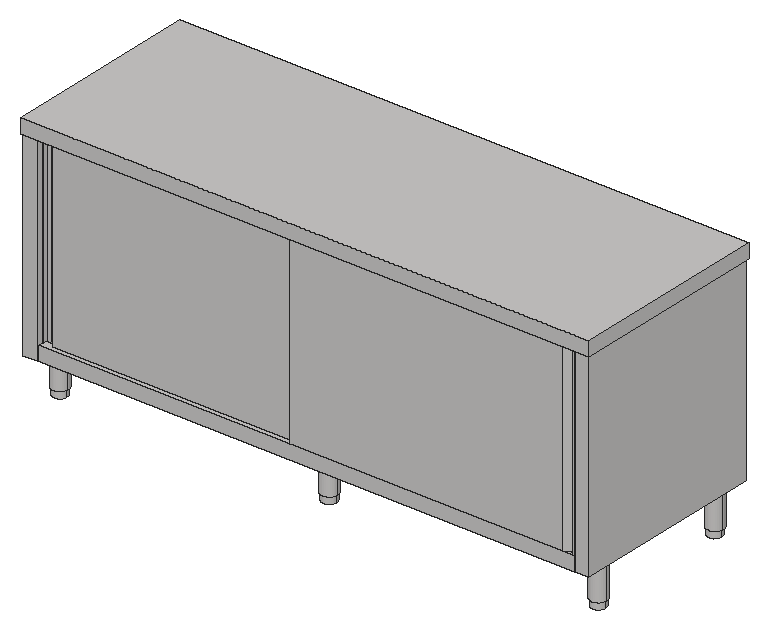
Revit family "QF_ZANUSSI_132775_MTN2000PN", category Attrezzature speciali, Revit 2020
Family settings
  Quota connettore circolare = Usa diametro
  Tipo di parte = Normale
  Basato su piano di lavoro = No
  Sempre verticale = Sì
  Taglio con vuoti quando caricato = No
  Condiviso = No
  Punto di calcolo locali = No
Parameters (values of type "Standard")
  Weight = 75.00 kg
  Watts = 0 W
  Volts = 0 V
  URL Manufacturer = "http://www.zanussiprofessional.com"
  URL = "http://www.zanussiprofessional.com"
  Steam Supply Size = 0 mm
  Steam Supply Minimum Pressure = 0.0 Pa
  Steam Supply Maximum Pressure = 0.0 Pa
  Steam Consumption per Hour = 0
  Refrigeration Suction Line Size = 0.0 mm
  Refrigeration Liquid Line Size = 0.0 mm
  Refrigerant Compressor Remote = yes
  Prospetto di default = 0.0 mm
  Produttore = "Zanussi"
  Phase = 0
  Modello = "MTN2000PN"
  Length Actual = 2000.0 mm  # constant formula
  Item Number = "132775"
  Hot Water Size = 0 mm
  Height Actual = 900.0 mm  # constant formula
  HP = "0 HP"
  Gas Size = 0 mm
  Gas KW = 0
  Gas Input Pressure = 0 W
  Direct Waste Size = 0 mm
  Descrizione = "WORKTOP CUPB.+SHELF+SLIDING DOORS 2000MM"
  Depth Actual = 700.0 mm  # constant formula
  Cycle = 0 Hz
  Condensate Return Size = 0 mm
  Compressed Air Volume = 0.0 L/s
  Compressed Air Size = 0 mm
  Compressed Air Pressure = 0.0 Pa
  Cold Water Size = 0 mm
  Accessory = yes
Reference planes
  plane 1 "Center (Front/Back)": y = 0
  plane 2: z = 0
  plane 3 "Center (Left/Right)": x = -500
  plane 4 "LEFT": x = -1500
  plane 5 "RIGHT": x = 500
  plane 6 "BACK": y = 350
  plane 7 "FRONT": y = -350
  plane 8 "Base": z = 850
  plane 9 "TOP": z = 900
  plane 10: x = -1446.9
  plane 11: x = 446.9
  plane 12: y = 270
  plane 13: y = -241.9
  plane 14 "BodyLeft": x = -1494.5
  plane 15 "BodyFront": y = -344.5
  plane 16 "BodyRight": x = 494.5
  plane 17 "BodyBack": y = 344.5
  plane 18 "FEET": z = 150
  plane 19: x = -444.5
  plane 20: x = -555.5
Forms (mm)
  Extrusion 1, solid, material "QF_Finishes_Stainless Steel"
    sketch origin (-500, 0, 0) x (0, 1, 0) y (0, 0, 1)
      loop
        line (-350, 850) -> (350, 850) -> (350, 900) -> (-350, 900) -> (-350, 850)
    from 1000 to -1000
  Extrusion 2, solid, material "QF_Finishes_Stainless Steel"
    sketch origin (0, 0, 150) x (-1, 0, 0) y (0, -1, 0)
      loop
        line (1494.5, -344.5) -> (1494.5, 344.5) -> (1444.5, 344.5) -> (1444.5, -344.5) -> (1494.5, -344.5)
      loop
        line (-444.5, -344.5) -> (-444.5, 344.5) -> (-494.5, 344.5) -> (-494.5, -344.5) -> (-444.5, -344.5)
    from 0 to 700
  Extrusion 3, solid, material "QF_Finishes_Stainless Steel"
    sketch origin (0, 0, 150) x (-1, 0, 0) y (0, -1, 0)
      loop
        line (1443.585, -344.5) -> (1443.585, 344.5) -> (-444.5, 344.5) -> (-444.5, -344.5) -> (1443.585, -344.5)
    from 0 to 50
  Extrusion 4, solid, material "QF_Finishes_Stainless Steel"
    sketch origin (0, 0, 150) x (-1, 0, 0) y (0, -1, 0)
      loop
        line (1443.585, -344.5) -> (1443.585, -294.5) -> (-444.5, -294.5) -> (-444.5, -344.5) -> (1443.585, -344.5)
    from 50 to 700
  Extrusion 5, solid, material "QF_Finishes_Stainless Steel"
    sketch origin (0, 0, 150) x (-1, 0, 0) y (0, -1, 0)
      loop
        line (-444.5, 344.5) -> (-444.5, 324.5) -> (555.5, 324.5) -> (555.5, 344.5) -> (-404.5, 344.5) -> (-424.5, 329.5) -> (-439.5, 329.5) -> (-439.5, 344.5) -> (-444.5, 344.5)
    from 50 to 700
  Extrusion 6, solid, material "QF_Finishes_Stainless Steel"
    sketch origin (0, 20, 150) x (1, 0, 0) y (0, 1, 0)
      loop
        line (-1444.5, -344.5) -> (-1439.5, -344.5) -> (-1439.5, -329.5) -> (-1424.5, -329.5) -> (-1404.5, -344.5) -> (-444.5, -344.5) -> (-444.5, -324.5) -> (-1444.5, -324.5) -> (-1444.5, -344.5)
    from 50 to 700
Lines and regions (mm)
  symbolic lines
    curve 1: line (500, 350, 900) -> (-1500, 350, 900)
    curve 2: line (-1500, 350, 900) -> (-1500, -350, 900)
    curve 3: line (-1500, -350, 900) -> (500, -350, 900)
    curve 4: line (500, -350, 900) -> (500, 350, 900)
  symbolic lines, style "SpecialityEquipmentHiddenLines"
    curve 5: line (-1494.5, 344.5, 150) -> (494.5, 344.5, 150)
    curve 6: line (-1494.5, -344.5, 150) -> (-1494.5, 344.5, 150)
    curve 7: line (494.5, -344.5, 150) -> (-1494.5, -344.5, 150)
    curve 8: line (494.5, 344.5, 150) -> (494.5, -344.5, 150)
    curve 9: line (-1444.5, -304.5, 150) -> (-444.5, -304.5, 150)
    curve 10: line (-444.5, -304.5, 150) -> (-444.5, -324.5, 150)
    curve 11: line (-1444.5, -324.5, 150) -> (444.5, -324.5, 150)
    curve 12: line (444.5, -324.5, 150) -> (444.5, -344.5, 150)
    curve 13: line (-555.5, -324.5, 150) -> (-555.5, -344.5, 150)
    curve 14: line (-1444.5, -304.5, 150) -> (-1444.5, -324.5, 150)
Dimensions and locks
  plane 4 "LEFT" to plane 5 "RIGHT" = 2000.0 mm
  equal spacing: plane 4 "LEFT", plane 3 "Center (Left/Right)", plane 5 "RIGHT"
  locked: plane 8 "Base" to level at 850
  plane 9 "TOP" to level = 900.0 mm
  plane 6 "BACK" to plane 7 "FRONT" = 700.0 mm
  equal spacing: plane 6 "BACK", plane 1 "Center (Front/Back)", plane 7 "FRONT"
  locked: plane 4 "LEFT" to plane 14 "BodyLeft" at 5.5
  locked: plane 16 "BodyRight" to plane 5 "RIGHT" at 5.5
  locked: plane 15 "BodyFront" to plane 7 "FRONT" at 5.5
  locked: plane 6 "BACK" to plane 17 "BodyBack" at 5.5
  locked: plane 14 "BodyLeft" to plane 10 at 47.6
  locked: plane 11 to plane 16 "BodyRight" at 47.6
  locked: plane 13 to plane 15 "BodyFront" at 102.6
  locked: plane 17 "BodyBack" to plane 12 at 74.5
  plane 10 to plane 11 = 1893.8 mm
  plane 12 to plane 13 = 511.9 mm
  locked: plane 14 "BodyLeft" to Extrusion 2 sketch curve at 50
  locked: Extrusion 2 sketch curve to Extrusion 2 sketch curve at 50
  Extrusion 3 to Extrusion 4 sketch curve = 50.0 mm
  Extrusion 2 to plane 19 = 1000.0 mm
  plane 20 to Extrusion 2 = 1000.0 mm
  locked: plane 18 "FEET" to level at 150
  aligned and locked: level to plane 2
  aligned and locked: plane 10 to nested 1
  aligned and locked: nested 1 to plane 13
  aligned and locked: plane 11 to nested 2
  aligned and locked: nested 2 to plane 13
  aligned and locked: plane 11 to nested 4
  aligned and locked: nested 4 to plane 12
  aligned and locked: plane 10 to nested 3
  aligned and locked: nested 3 to plane 12
  aligned and locked: Extrusion 1 to plane 4 "LEFT"
  aligned and locked: plane 5 "RIGHT" to Extrusion 1
  aligned and locked: curve 2 to plane 4 "LEFT"
  aligned and locked: plane 17 "BodyBack" to Extrusion 2 sketch curve
  aligned and locked: Extrusion 2 sketch curve to plane 15 "BodyFront"
  aligned and locked: Extrusion 2 sketch curve to plane 14 "BodyLeft"
  aligned and locked: plane 16 "BodyRight" to Extrusion 2 sketch curve
  aligned and locked: Extrusion 2 sketch curve to plane 17 "BodyBack"
  aligned and locked: plane 15 "BodyFront" to Extrusion 2 sketch curve
  aligned and locked: Extrusion 3 sketch curve to plane 17 "BodyBack"
  aligned and locked: plane 15 "BodyFront" to Extrusion 3 sketch curve
  aligned and locked: plane 8 "Base" to Extrusion 2
  aligned and locked: Extrusion 4 sketch curve to Extrusion 3
  aligned and locked: plane 8 "Base" to Extrusion 5
  aligned and locked: Extrusion 5 to Extrusion 3
  aligned and locked: Extrusion 6 sketch curve to plane 19
  aligned and locked: Extrusion 5 sketch curve to plane 20
  aligned and locked: Extrusion 1 to plane 8 "Base"
  aligned and locked: plane 9 "TOP" to Extrusion 1
  aligned and locked: curve 5 to plane 17 "BodyBack"
  aligned and locked: plane 14 "BodyLeft" to curve 6
  aligned and locked: plane 15 "BodyFront" to curve 7
  aligned and locked: plane 16 "BodyRight" to curve 8
  aligned and locked: plane 3 "Center (Left/Right)" to nested 5
  aligned and locked: plane 3 "Center (Left/Right)" to nested 6
Automatic sketch dimensions
  curve 3 to plane 7 "FRONT" = 0.0 mm
  curve 4 to plane 6 "BACK" = 0.0 mm
  Extrusion 1 sketch curve to plane 7 "FRONT" = 0.0 mm
  plane 9 "TOP" to Extrusion 1 sketch curve = 0.0 mm
  Extrusion 1 sketch curve to plane 6 "BACK" = 0.0 mm
  Extrusion 1 sketch curve to plane 8 "Base" = 0.0 mm
  Extrusion 5 sketch curve to plane 15 "BodyFront" = 0.0 mm  (x2)
  Extrusion 5 sketch curve to plane 11 = 2.4 mm
  Extrusion 5 sketch curve to Extrusion 5 sketch curve = 5.0 mm
  Extrusion 5 sketch curve to Extrusion 5 sketch curve = 15.0 mm
  Extrusion 5 sketch curve to Extrusion 5 sketch curve = 20.0 mm
  plane 15 "BodyFront" to Extrusion 5 sketch curve = 15.0 mm
  plane 15 "BodyFront" to Extrusion 5 sketch curve = 20.0 mm
  Extrusion 6 sketch curve to plane 15 "BodyFront" = 20.0 mm  (x2)
  Extrusion 6 sketch curve to plane 10 = 2.4 mm
  Extrusion 6 sketch curve to Extrusion 6 sketch curve = 5.0 mm
  Extrusion 6 sketch curve to Extrusion 6 sketch curve = 15.0 mm
  Extrusion 6 sketch curve to Extrusion 6 sketch curve = 20.0 mm  (x2)
  Extrusion 6 sketch curve to plane 15 "BodyFront" = 35.0 mm
  Extrusion 3 sketch curve to plane 11 = 2.4 mm
  plane 10 to Extrusion 3 sketch curve = 3.315 mm
  Extrusion 4 sketch curve to plane 11 = 2.4 mm
  plane 10 to Extrusion 4 sketch curve = 3.315 mm
  curve 10 to plane 19 = 0.0 mm
  curve 13 to plane 20 = 0.0 mm
  curve 11 to plane 11 = 2.4 mm
  plane 15 "BodyFront" to curve 9 = 40.0 mm
  curve 12 to curve 12 = 20.0 mm
  plane 10 to curve 14 = 2.4 mm
  curve 4 to plane 5 "RIGHT" = 0.0 mm
Nested families
  nested 1: "FEET_D58-150" at (-1446.9, -241.9, 0), type "FEET_D58-150"
  nested 2: "FEET_D58-150" at (446.9, -241.9, 0), type "FEET_D58-150"
  nested 3: "FEET_D58-150" at (-1446.9, 270, 0), type "FEET_D58-150"
  nested 4: "FEET_D58-150" at (446.9, 270, 0), type "FEET_D58-150"
  nested 5: "FEET_D58-150" at (-500, -241.9, 0), type "FEET_D58-150"
  nested 6: "FEET_D58-150" at (-500, 270, 0), type "FEET_D58-150"
Definition of nested family "FEET_D58-150"
  Parameters
    Default Elevation = 0.0 mm
    FEET = 150.0 mm
  Reference planes
    plane 1 "Center (Front/Back)": y = 0
    plane 2: z = 0
    plane 3 "Center (Left/Right)": x = 0
    plane 4: z = 150
  Forms (mm)
    Extrusion 1, solid
      sketch origin (0, 0, 0) x (1, 0, 0) y (0, 1, 0)
        loop
          circle (0, 0) r 25
      from 0 to 25
    Extrusion 2, solid
      sketch origin (0, 0, 0) x (1, 0, 0) y (0, 1, 0)
        loop
          circle (0.061, 0) r 29
      from 25 to 150 <- "FEET"
  Lines and regions (mm)
    symbolic lines
      curve 1: line (0, -1.503, 0) -> (0, 1.508, 0)
      curve 2: line (1.561, 0, 0) -> (-1.439, 0, 0)
  Dimensions and locks
    "FEET": plane 4 to plane 2
    aligned and locked: level to plane 2
  Automatic sketch dimensions
    plane 1 "Center (Front/Back)" to Extrusion 1 sketch curve = 0.0 mm
    Extrusion 1 sketch curve to plane 3 "Center (Left/Right)" = 0.0 mm
    plane 1 "Center (Front/Back)" to curve 2 = 0.0 mm
    curve 1 to plane 3 "Center (Left/Right)" = 0.0 mm
    curve 2 to plane 3 "Center (Left/Right)" = 1.439 mm
    plane 3 "Center (Left/Right)" to curve 2 = 1.561 mm
    plane 1 "Center (Front/Back)" to curve 1 = 1.503 mm
    curve 1 to plane 1 "Center (Front/Back)" = 1.508 mm
    plane 1 "Center (Front/Back)" to Extrusion 2 sketch curve = 0.0 mm
    plane 3 "Center (Left/Right)" to Extrusion 2 sketch curve = 0.061 mm
    radius of Extrusion 1 sketch curve = 25.0 mm
    radius of Extrusion 2 sketch curve = 29.0 mm
